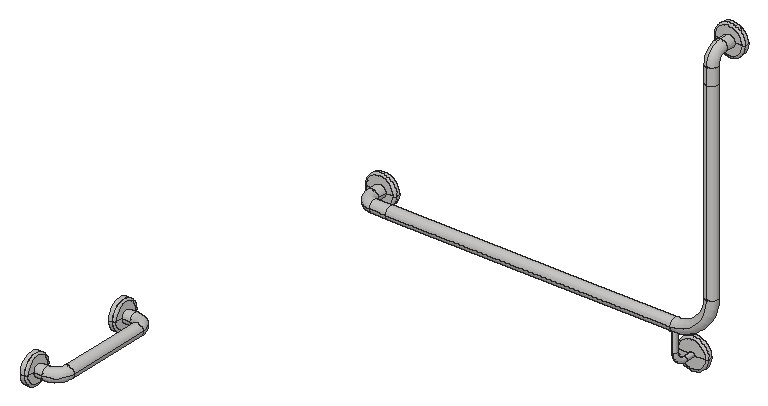
Revit family "rba-bim-rba4090-300", category Plumbing Fixtures, Revit 2016
Family settings
  Part Type = Normal
  Round Connector Dimension = Use Diameter
  Work Plane-Based = No
  Always vertical = No
  Cut with Voids When Loaded = No
  Shared = No
  Room Calculation Point = No
Parameters (values of type "RBA4090-300")
  Watermarked By = "www.rba.com.au"
  URL = "http://www.rba.com.au/accessible-disabled/grab-rails"
  Phone Number = "1300 788 778"
  OFFSET = 800.00 mm
  Modified Issue = "20190806.01"
  Model = "RBA4090-300"
  Materials and Finishes = Stainless Steel, Satin Finish
  Manufacturer Model = ""
  Manufacturer = "RBA Group"
  Distance Away from Wall [instance] = 100.00 mm
  Distance Away from Toilet [instance] = 1090.00 mm
  Description = "90° WC Grab Rail Set - Left Hand, 300 Straight"
  Copyrighted by = "RBA Group"  # constant formula
  Assembly Code = ""
Reference planes
  plane 1 "Center (Front/Back)": y = 0
  plane 2: z = 0
  plane 3: x = 40.5
  plane 4: z = 800
  plane 5: z = 1500
  plane 6: x = -59.5
  plane 7: z = 700
  plane 8: x = -909.5
  plane 9: x = -1009.5
  plane 10: y = -57
  plane 11: y = -89
  plane 12: y = -1090
  plane 13: y = -1074
  plane 14: x = -952.5
  plane 15: x = -920.5
  plane 16: z = 816
  plane 17: x = 24.5
Dimensions and locks
  "OFFSET": plane 4 to plane 2
  locked: plane 10 to plane 1 "Center (Front/Back)" at 57
  locked: plane 1 "Center (Front/Back)" to plane 11 at 89
  "Distance Away from Wall": plane 9 to plane 8
  locked: plane 13 to plane 12 at 16
  "Distance Away from Toilet": plane 1 "Center (Front/Back)" to plane 12
  aligned and locked: plane 3 to nested 1
  aligned and locked: plane 4 to nested 1
  aligned and locked: nested 2 to plane 9
  aligned and locked: plane 13 to nested 2
  aligned and locked: nested 2 to plane 4
Nested families
  nested 1: "rba-bim-rba4090-901" at (-950, 0, 800), type "RBA4090-901"
  nested 2: "rba-bim-rba4000-000" at (-1009.5, -2152, 800) x (0, 1, 0) z (0, 0, 1), type "RBA4000-030"
Definition of nested family "rba-bim-rba4090-901"
  Parameters (values of type "RBA4090-901")
    Watermarked By = "www.rba.com.au"
    URL = "http://www.rba.com.au/accessible-disabled/grab-rails"
    R_Void [instance] = 15.00 mm
    R [instance] = 0.00 mm
    Phone Number = "1300 788 778"
    Model = "RBA4090-901"
    Manufacturer Model = "B819436"
    Manufacturer = "Bobrick"
    Description = "90° Angled Grab Rails"
    Copyrighted by = "RBA Group"  # constant formula
    BAR = none
    Assembly Code = ""
  Reference planes
    plane 1 "Center (Front/Back)": y = 0
    plane 2: z = 0
    plane 3: x = 40.5
    plane 4: z = -30
    plane 5: z = 30
    plane 6: x = 70.5
    plane 7: x = 10.5
    plane 8: x = 990.5
    plane 9: x = 515.5
    plane 10: z = 670
    plane 11: z = 730
    plane 12: x = 960.5
    plane 13: x = 1020.5
    plane 14: z = 700
    plane 15: z = -130
    plane 16: z = -70
    plane 17: x = 920.5
    plane 18: x = 860.5
    plane 19: x = 890.5
    plane 20: z = -100
  Forms (mm)
    Extrusion 1, solid
      sketch origin (40.5, -2.628, 315.907) x (0, 0, -1) y (-1, 0, 0)
        loop
          circle (315.907, 0) r 40
      from -0.219 to 2.628
    Revolve 2, solid
      sketch origin (40.5, 18.663, 0) x (0, -1, 0) y (1, 0, 0)
        loop
          line (18.663, 0) -> (18.663, -41.5) -> (27.844, -41.5)
          arc (27.844, -41.5) -> (31.337, -40.077) -> (32.842, -36.617) r 5
          line (32.842, -36.617) -> (33.701, 0) -> (18.663, 0)
        axis (18.663, 0) -> (33.701, 0)
      angle from 0 to 360
    Extrusion 3, void
      sketch origin (40.5, 34.941, 315.907) x (0, 0, -1) y (-1, 0, 0)
        loop
          circle (315.907, -30) r 5
        loop
          circle (315.907, 30) r 5
      from -37.788 to -30
    Sweep 4, solid
      path origin (40.5, 9.454, 0) x (0, -1, 0) y (-1, 0, 0)
        loop
          line (12.302, 0) -> (50.454, 0)
          arc (50.454, 0) -> (73.082, -9.373) -> (82.454, -32) r 32
          line (82.454, -32) -> (82.454, -76)
      profile origin (40.5, -21.924, 0) x (1, 0, 0) y (0, 0, 1)
        loop
          circle (0, 0) r 16
    Extrusion 5, solid
      sketch origin (990.5, -2.628, 1015.907) x (0, 0, -1) y (-1, 0, 0)
        loop
          circle (315.907, 0) r 40
      from -0.219 to 2.628
    Extrusion 6, void
      sketch origin (990.5, 34.941, 1015.907) x (0, 0, -1) y (-1, 0, 0)
        loop
          circle (315.907, 30) r 5
        loop
          circle (315.907, -30) r 5
      from -37.788 to -30
    Sweep 7, solid
      path origin (1690.5, 9.454, 700) x (0, -1, 0) y (0, 0, 1)
        loop
          line (12.302, 0) -> (50.454, 0)
          arc (50.454, 0) -> (73.082, -9.373) -> (82.454, -32) r 32
          line (82.454, -32) -> (82.454, -76)
      profile origin (1690.5, -21.924, 700) x (0, 0, 1) y (-1, 0, 0)
        loop
          circle (0, 700) r 16
    Revolve 8, solid
      sketch origin (990.5, 18.663, 700) x (0, -1, 0) y (1, 0, 0)
        loop
          line (18.663, 0) -> (33.701, 0) -> (32.842, 36.617)
          arc (32.842, 36.617) -> (31.337, 40.077) -> (27.844, 41.5) r 5
          line (27.844, 41.5) -> (18.663, 41.5) -> (18.663, 0)
        axis (18.663, 0) -> (33.701, 0)
      angle from 0 to 360
    Sweep 9, solid
      path origin (0, 0, 0) x (1, 0, 0) y (0, 0, 1)
        loop
          line (116.5, 0) -> (890.5, 0)
          arc (890.5, 0) -> (961.211, 29.289) -> (990.5, 100) r 100
          line (990.5, 100) -> (990.5, 624)
      profile origin (503.5, 0, 0) x (0, 0, 1) y (0, -1, 0)
        loop
          circle (0, 73) r 16
    Extrusion 10, solid
      sketch origin (890.5, -2.628, 215.907) x (0, 0, -1) y (-1, 0, 0)
        loop
          circle (315.907, 0) r 40
      from -0.219 to 2.628
    Revolve 11, solid
      sketch origin (890.5, 18.663, -100) x (0, -1, 0) y (1, 0, 0)
        loop
          line (18.663, 0) -> (18.663, -41.5) -> (27.844, -41.5)
          arc (27.844, -41.5) -> (31.337, -40.077) -> (32.842, -36.617) r 5
          line (32.842, -36.617) -> (33.701, 0) -> (18.663, 0)
        axis (18.663, 0) -> (33.701, 0)
      angle from 0 to 360
    Sweep 12, solid
      path origin (890.5, 9.454, -100) x (0, -1, 0) y (0, 0, -1)
        loop
          line (12.302, 0) -> (50.454, 0)
          arc (50.454, 0) -> (73.082, -9.373) -> (82.454, -32) r 32
          line (82.454, -32) -> (82.454, -100)
      profile origin (890.5, -21.924, -100) x (0, 0, -1) y (1, 0, 0)
        loop
          circle (0, 0) r 6
    Extrusion 13, void
      sketch origin (890.5, 34.941, 215.907) x (0, 0, -1) y (-1, 0, 0)
        loop
          circle (315.907, -30) r 5
        loop
          circle (315.907, 30) r 5
      from -37.788 to -30
  Cuts and joins
    Extrusion 3, Extrusion 6, Extrusion 13 cuts Extrusion 1
    Extrusion 3, Extrusion 6, Extrusion 13 cuts Revolve 2
    Extrusion 13 cuts Sweep 4
    Extrusion 6 cuts Revolve 8
    Extrusion 13 cuts Revolve 11
    joined: Revolve 2, Sweep 4, Sweep 7, Revolve 8, Sweep 9, Revolve 11, Sweep 12
    Extrusion 6 cuts Extrusion 5
    Extrusion 13 cuts Extrusion 10
  Dimensions and locks
    Revolve 2 sketch curve to Revolve 2 sketch curve = 41.50 mm
    plane 5 to level to plane 4 = 30.00 mm, 30.00 mm
    plane 7 to plane 6 = 60.00 mm
    plane 11 to plane 10 = 60.00 mm
    plane 12 to plane 13 = 60.00 mm
    Revolve 8 sketch curve to Revolve 8 sketch curve = 41.50 mm
    Revolve 11 sketch curve to Revolve 11 sketch curve = 41.50 mm
    plane 16 to plane 15 = 60.00 mm
    plane 18 to plane 17 = 60.00 mm
    level to plane 20 = 100.00 mm
    plane 14 to level = 700.00 mm
    plane 8 to plane 19 = 100.00 mm
    plane 8 to plane 3 = 950.00 mm
    radius of Extrusion 1 sketch curve = 40.00 mm
    radius of Sweep 4 sketch curve = 16.00 mm
    radius of Extrusion 5 sketch curve = 40.00 mm
    radius of Sweep 7 sketch curve = 16.00 mm
    radius of Extrusion 10 sketch curve = 40.00 mm
    radius of Sweep 12 sketch curve = 6.00 mm
    aligned and locked: Revolve 2 to Extrusion 1
    aligned and locked: Revolve 11 to Extrusion 10
Definition of nested family "rba-bim-rba4000-000"
  Parameters (values of type "RBA4000-030")
    Watermarked By = "www.rba.com.au"
    URL = "http://www.rba.com.au/accessible-disabled/grab-rails"
    Length of Rail = 300.00 mm
    Phone Number = "1300 788 778"
    Model = "RBA4110-923"
    Manufacturer = "RBA GROUP"
    Description = "90deg Angled Shower Grab Rail"
    Default Elevation = 1219.20 mm
    Copyrighted By = "RBA Group"  # constant formula
    BAR = none
    Assembly Code = ""
  Reference planes
    plane 1 "Center (Front/Back)": y = 0
    plane 2: x = 1078
    plane 3: x = 1378
    plane 4: z = 0
    plane 5: through (1334.776, 25.441, -51.059) normal (-0.515, 0, 0.8572)
    plane 6: through (1450.22, 25.441, 99.629) normal (0.8572, 0, 0.515)
    plane 7: through (1403.075, 25.441, 71.301) normal (0.8572, 0, 0.515)
    plane 8: y = -89
    plane 9: y = -57
  Forms (mm)
    Sweep 1, solid
      path origin (1651.954, -750, 0) x (-1, 0, 0) y (0, -1, 0)
        loop
          line (573.954, -740) -> (573.954, -709)
          arc (573.954, -709) -> (564.582, -686.373) -> (541.954, -677) r 32
          line (541.954, -677) -> (305.954, -677)
          arc (305.954, -677) -> (283.327, -686.373) -> (273.954, -709) r 32
          line (273.954, -709) -> (273.954, -740)
      profile origin (1228, -73, 0) x (0, 1, 0) y (0, 0, 1)
        loop
          circle (0, 0) r 16
    Extrusion 2, solid
      sketch origin (640.5, -2.628, 315.907) x (0, 0, -1) y (-1, 0, 0)
        loop
          circle (315.907, -437.5) r 37.5
      from -7.372 to 2.628
    Extrusion 3, void
      sketch origin (215.296, 34.941, 270.785) x (0.515038, 0, -0.857167) y (-0.857167, 0, -0.515038)
        loop
          circle (674.422, -627.443) r 5
        loop
          circle (676.434, -572.517) r 5
      from -46.533 to -34.941
    Extrusion 4, solid
      sketch origin (1315.5, -2.628, 315.907) x (0, 0, -1) y (-1, 0, 0)
        loop
          circle (315.907, -62.5) r 37.5
      from -7.372 to 2.628
    Revolve 5, solid
      sketch origin (1315.5, 18.663, 0) x (0, -1, 0) y (1, 0, 0)
        loop
          line (18.663, 62.5) -> (36.046, 62.5) -> (35.246, 96.617)
          arc (35.246, 96.617) -> (33.742, 100.077) -> (30.248, 101.5) r 5
          line (30.248, 101.5) -> (18.663, 101.5) -> (18.663, 62.5)
        axis (18.663, 62.5) -> (36.046, 62.5)
      angle from 0 to 360
    Extrusion 6, void
      sketch origin (1315.296, 34.941, 270.785) x (0.515038, 0, -0.857167) y (-0.857167, 0, -0.515038)
        loop
          circle (264.403, 58.217) r 5
        loop
          circle (264.403, 113.217) r 5
      from -44.941 to -34.941
    Extrusion 7, void
      sketch origin (978, 0, 1415.907) x (0, 0, 1) y (-1, 0, 0)
        loop
          circle (-1430.457, -424.215) r 5
        loop
          circle (-1401.357, -375.785) r 5
        loop
          circle (-1444.157, -400) r 5
      from 0 to 5
    Extrusion 8, void
      sketch origin (815.5, 0, 1415.907) x (0, 0, 1) y (-1, 0, 0)
        loop
          circle (-1430.457, -286.715) r 5
        loop
          circle (-1444.157, -262.5) r 5
        loop
          circle (-1401.357, -238.285) r 5
      from 0 to 5
    Revolve 9, solid
      sketch origin (1140.5, 18.663, 0) x (0, -1, 0) y (1, 0, 0)
        loop
          line (18.663, -62.5) -> (18.663, -101.5) -> (30.248, -101.5)
          arc (30.248, -101.5) -> (33.742, -100.077) -> (35.246, -96.617) r 5
          line (35.246, -96.617) -> (36.046, -62.5) -> (18.663, -62.5)
        axis (18.663, -62.5) -> (36.046, -62.5)
      angle from 0 to 360
  Cuts and joins
    Extrusion 3, Extrusion 8 cuts Extrusion 2
    Extrusion 6, Extrusion 7 cuts Extrusion 4
    Extrusion 6, Extrusion 7 cuts Revolve 5
    Extrusion 3, Extrusion 8 cuts Revolve 9
    joined: Sweep 1, Revolve 5, Revolve 9
  Dimensions and locks
    locked: Revolve 5 sketch curve to Revolve 5 sketch curve at 39
    plane 7 to plane 6 = 55.00 mm
    locked: plane 3 to Extrusion 4 sketch curve
    locked: Extrusion 4 sketch curve to plane 4
    locked: Extrusion 7 sketch curve to plane 3 at 24.215
    locked: Extrusion 7 sketch curve to plane 4 at 14.55
    locked: plane 3 to Extrusion 6 sketch curve at 23.572
    locked: Extrusion 6 sketch curve to plane 4 at 14.164
    plane 1 "Center (Front/Back)" to Revolve 5 sketch curve = 17.383 mm
    locked: Extrusion 2 sketch curve to plane 2
    locked: Extrusion 2 sketch curve to plane 4 at 0
    locked: plane 2 to Extrusion 8 sketch curve at 24.215
    locked: plane 4 to Extrusion 8 sketch curve at 14.55
    locked: Extrusion 7 sketch curve to plane 3 at 0
    locked: plane 3 to Extrusion 7 sketch curve at 24.215
    locked: Extrusion 7 sketch curve to plane 4 at 28.25
    locked: plane 4 to Extrusion 7 sketch curve at 14.55
    locked: plane 4 to Extrusion 6 sketch curve at 14.164
    locked: Extrusion 6 sketch curve to plane 3 at 23.572
    locked: Revolve 5 sketch curve to plane 3 at 34.117
    plane 1 "Center (Front/Back)" to Revolve 5 sketch curve = 16.583 mm
    locked: plane 1 "Center (Front/Back)" to cut or joined group of Sweep 1, Extrusion 3, Revolve 5, Extrusion 6, Extrusion 7, Extrusion 8, Revolve 9 at 0
    locked: plane 1 "Center (Front/Back)" to plane 9 at 57
    locked: plane 1 "Center (Front/Back)" to plane 8 at 89
    locked: level to Sweep 1 sketch curve at 0
    equal spacing: plane 9, profile plane, plane 8
    equal spacing: plane 8, Sweep 1 sketch curve, plane 9
    "Length of Rail": plane 3 to plane 2
    locked: Revolve 9 sketch curve to Revolve 9 sketch curve at 39
    radius of Sweep 1 sketch curve = 16.00 mm
    aligned and locked: Extrusion 4 to Revolve 5
    aligned and locked: Extrusion 2 to Extrusion 3
    aligned and locked: Extrusion 4 to Extrusion 6
    aligned and locked: plane 3 to Sweep 1 sketch curve
    aligned and locked: cut or joined group of Extrusion 4, Extrusion 6, Extrusion 7 to Sweep 1 sketch curve
  Automatic sketch dimensions
    Sweep 1 sketch curve to plane 2 = 0.00 mm
    Sweep 1 sketch curve to plane 9 = 16.00 mm
    plane 2 to Sweep 1 sketch curve = 32.00 mm
    plane 1 "Center (Front/Back)" to Sweep 1 sketch curve = 10.00 mm
    Sweep 1 sketch curve to profile plane = 0.00 mm
    level to Extrusion 3 sketch curve = 15.85 mm
    plane 2 to Extrusion 3 sketch curve = 22.473 mm
    Extrusion 3 sketch curve to Extrusion 3 sketch curve = 2.012 mm
    Extrusion 3 sketch curve to Extrusion 3 sketch curve = 54.926 mm
    Revolve 5 sketch curve to plane 3 = 0.00 mm  (x2)
    plane 1 "Center (Front/Back)" to Revolve 5 sketch curve = 0.00 mm
    Revolve 5 sketch curve to Revolve 5 sketch curve = 4.999 mm
    Revolve 5 sketch curve to plane 1 "Center (Front/Back)" = 21.537 mm
    Revolve 5 sketch curve to plane 9 = 13.537 mm
    Extrusion 8 sketch curve to plane 2 = 0.00 mm
    Extrusion 8 sketch curve to level = 14.55 mm
    Extrusion 8 sketch curve to Extrusion 8 sketch curve = 13.70 mm
    plane 2 to Extrusion 8 sketch curve = 24.215 mm
    plane 1 "Center (Front/Back)" to Revolve 9 sketch curve = 0.00 mm
    plane 1 "Center (Front/Back)" to Revolve 9 sketch curve = 11.585 mm
    Revolve 9 sketch curve to Revolve 9 sketch curve = 4.999 mm
    plane 2 to Revolve 9 sketch curve = 0.00 mm
    Revolve 9 sketch curve to Revolve 9 sketch curve = 17.383 mm
    Revolve 9 sketch curve to plane 2 = 34.00 mm
    Revolve 9 sketch curve to Revolve 9 sketch curve = 0.117 mm
    Revolve 9 sketch curve to plane 1 "Center (Front/Back)" = 21.537 mm
    Revolve 9 sketch curve to plane 9 = 13.537 mm
    radius of Extrusion 2 sketch curve = 37.50 mm
    radius of Extrusion 3 sketch curve = 5.00 mm  (x2)
    radius of Extrusion 4 sketch curve = 37.50 mm
    radius of Extrusion 6 sketch curve = 5.00 mm  (x2)
    radius of Extrusion 7 sketch curve = 5.00 mm  (x3)
    radius of Extrusion 8 sketch curve = 5.00 mm  (x3)
  Nested families
    nested 1: "FamilyID" at (1.5, 0, 0), type "FamilyID"
  Definition of nested family "FamilyID"
    Reference planes
      plane 1: y = 0
      plane 2: x = 0
    Text (mm)
      text "RBA COPYRIGHT" at (0.001, 0.001, 0)
